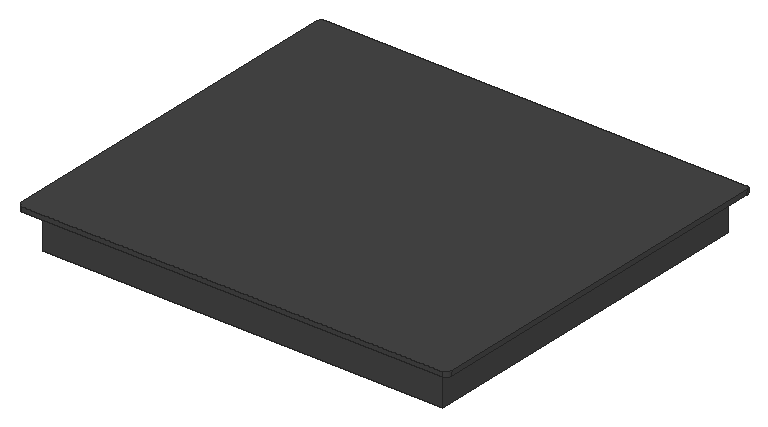
Revit family "Qf_Summit_SINC4B241B_24 inches 208-240V 4-Zone Induction Cooktop", category Specialty Equipment, Revit 2020 (continued)
Automatic sketch dimensions
  radius of Split face 11 sketch curve = 3.07495"
  radius of Split face 12 sketch curve = 2.88432"
  radius of Split face 13 sketch curve = 4.07036"
  radius of Split face 14 sketch curve = 3.8775"
  radius of Split face 15 sketch curve = 3.07495"
  radius of Split face 16 sketch curve = 2 15/16"
  radius of Split face 17 sketch curve = 2 15/16"
  radius of Split face 18 sketch curve = 2.88432"
  radius of Split face 19 sketch curve = 4.07036"
  radius of Split face 20 sketch curve = 3.81335"
  radius of Split face 21 sketch curve = 3.81335"
  radius of Split face 22 sketch curve = 3.8775"
  radius of Split face 23 sketch curve = 3/8"
  radius of Split face 24 sketch curve = 3/8"
  radius of Split face 25 sketch curve = 3/8"
  radius of Split face 26 sketch curve = 3/8"
  radius of Split face 27 sketch curve = 0.21256"
  radius of Split face 28 sketch curve = 0.34194"
  radius of Split face 29 sketch curve = 0.14044"
  radius of Split face 31 sketch curve = 0.13153"
  radius of Split face 32 sketch curve = 0.13153"
  radius of Split face 33 sketch curve = 0.36076"
  radius of Split face 34 sketch curve = 0.14044"
  radius of Split face 35 sketch curve = 0.13153"
  radius of Split face 36 sketch curve = 0.36076"
  radius of Split face 37 sketch curve = 0.33037"
  radius of Split face 38 sketch curve = 0.36442"
  radius of Split face 39 sketch curve = 0.23196"
  radius of Split face 40 sketch curve = 0.36024"
  radius of Split face 41 sketch curve = 3/8"
  radius of Split face 42 sketch curve = 0.34194"
  radius of Split face 43 sketch curve = 0.33037"
  radius of Split face 44 sketch curve = 0.36442"
  radius of Split face 45 sketch curve = 3/8"
  radius of Split face 46 sketch curve = 0.34194"
  radius of Split face 47 sketch curve = 0.33037"
  radius of Split face 48 sketch curve = 0.36442"
  radius of Extrusion 3 sketch curve = 1/4"
Connectors (in)
  electrical at (11.625, -0.75, 0.94088), driven by "Volts", driven by "Apparent Power"
    settings: on cut or joined group of Extrusion 2, Extrusion 3, index 1, voltage 240 V, apparent load 0 VA, apparent load phase1 828 VA, apparent load phase2 0 VA, apparent load phase3 0 VA, power factor 1, load classification "Other", number of poles 1, system type 31, power factor state 1, is connector primary yes, connector utility no, sub classification motor no, connector description "Electrical Inlet"
